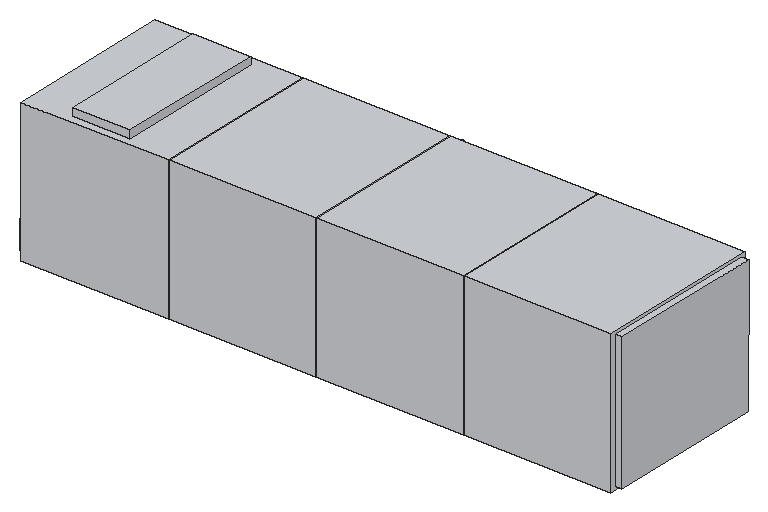
Revit family "M_AHU exterior - Horizontal", category Equipamento mecânico, Revit 2019
Family settings
  Cota do conector redondo = Usar raio
  Tipo de parte = Normal
  Número OmniClass = 23.75.35.14.14
  Título OmniClass = Customized Rooftop Air Handling Units
  ID de item do Seek = Outdoor AHU - Horizontal-0000-CAN-ENU
  Com base no plano de trabalho = Não
  Sempre na vertical = Sim
  Corte com vazios quando carregada = Não
  Compartilhado = Não
  Ponto de cálculo do ambiente = Não
Parameters (values of type "0,6 metros quadrados de serpentina")
  Voltagem = 208 V
  Classificação de carga = Refrigeração
  Queda de pressão da água quente [instance] = 12445.0 Pa
  Pressão total externa [instance] = 719.15 Pa
  Largura de saída do ar de fornecimento = 1100 mm
  Altura de saída do ar de fornecimento = 950 mm
  Fluxo de saída do ar de fornecimento [instance] = 1415.84 L/s
  Largura da entrada de ar de fornecimento = 1050 mm
  Altura da entrada de ar de fornecimento = 400 mm
  Fluxo da entrada de ar de fornecimento [instance] = 943.89 L/s
  Largura da saída do ar de retorno = 1050 mm
  Altura da saída do ar de retorno = 400 mm
  Fluxo da saída do ar de retorno [instance] = 471.95 L/s
  Número de pólos = 3
  Fluxo da água quente [instance] = 1.58 L/s
  Raio da tomada da serpentina de aquecimento = 20 mm
  Raio da entrada da serpentina do aquecimento = 20 mm
  Raio da drenagem = 15 mm
  Raio externo da serpentina de refrigeração = 15 mm
  Raio interno da serpentina de refrigeração = 20 mm
  Queda de pressão da água resfriada [instance] = 19905.2 Pa
  Fluxo da água resfriada [instance] = 2.71 L/s
  Carga aparente = 4701 VA
  Comprimento do espaço aéreo = 4114.8 mm
  Largura do AHU = 1168.4 mm
  Material do AHU = none
  Altura do AHU = 990.6 mm
Types (14, lengths in mm): name | Queda de pressão da água quente | Largura de saída do ar de fornecimento | Altura de saída do ar de fornecimento | Fluxo de saída do ar de fornecimento | Largura da entrada de ar de fornecimento | Altura da entrada de ar de fornecimento | Fluxo da entrada de ar de fornecimento | Largura da saída do ar de retorno | Altura da saída do ar de retorno | Fluxo da saída do ar de retorno | Fluxo da água quente | Raio da tomada da serpentina de aquecimento | Raio da entrada da serpentina do aquecimento | Raio externo da serpentina de refrigeração | Raio interno da serpentina de refrigeração | Queda de pressão da água resfriada | Fluxo da água resfriada | Carga aparente | Comprimento do espaço aéreo | Largura do AHU | Altura do AHU
  (no name) | 12445.0 Pa | 1100 | 950 | 1415.84 L/s | 1050 | 400 | 943.89 L/s | 1050 | 400 | 471.95 L/s | 1.58 L/s | 20 | 20 | 15 | 20 | 19905.2 Pa | 2.71 L/s | 4701 VA | 4114.8 | 1168.4 | 990.6
  0,6 metros quadrados de serpentina | 12445.0 Pa | 1100 | 950 | 1415.84 L/s | 1050 | 400 | 943.89 L/s | 1050 | 400 | 471.95 L/s | 1.58 L/s | 20 | 20 | 15 | 20 | 19905.2 Pa | 2.71 L/s | 4701 VA | 4114.8 | 1168.4 | 990.6
  0,7 metros quadrados de serpentina | 17416.2 Pa | 1350 | 1000 | 1887.79 L/s | 1250 | 400 | 1415.84 L/s | 1250 | 400 | 471.95 L/s | 2.08 L/s | 20 | 20 | 20 | 20 | 24883.2 Pa | 3.91 L/s | 6288 VA | 3911.6 | 1371.6 | 1066.8
  0,9 metros quadrados de serpentina | 24883.2 Pa | 1650 | 1000 | 2359.74 L/s | 1600 | 400 | 1887.79 L/s | 1600 | 400 | 471.95 L/s | 2.52 L/s | 20 | 20 | 20 | 20 | 37328.2 Pa | 4.92 L/s | 9401 VA | 3911.6 | 1701.8 | 1066.8
  1,1 metros quadrados de serpentina | 27372.2 Pa | 1650 | 1200 | 2831.68 L/s | 1600 | 400 | 1887.79 L/s | 1600 | 400 | 943.89 L/s | 2.78 L/s | 20 | 20 | 20 | 20 | 42306.2 Pa | 5.8 L/s | 9401 VA | 4064 | 1701.8 | 1244.6
  1,3 metros quadrados de serpentina | 34839.2 Pa | 1800 | 1200 | 3303.63 L/s | 1750 | 475 | 2359.74 L/s | 1800 | 475 | 943.89 L/s | 3.53 L/s | 20 | 20 | 20 | 20 | 42306.2 Pa | 7.19 L/s | 12535 VA | 4064 | 1828.8 | 1244.6
  1,6 metros quadrados de serpentina | 24883.2 Pa | 1950 | 1250 | 4011.55 L/s | 1950 | 475 | 3067.66 L/s | 1950 | 475 | 943.89 L/s | 4.1 L/s | 20 | 20 | 20 | 20 | 54744.4 Pa | 8.33 L/s | 12535 VA | 4064 | 2006.6 | 1320.8
  2 metros quadrados de serpentina | 37328.2 Pa | 1950 | 1525 | 4955.45 L/s | 1900 | 550 | 3303.63 L/s | 1900 | 550 | 1651.82 L/s | 5.11 L/s | 32 | 32 | 32.5 | 32.5 | 59722.4 Pa | 10.28 L/s | 15669 VA | 4216.4 | 2006.6 | 1574.8
  2,3 metros quadrados de serpentina | 47277.3 Pa | 2150 | 1525 | 5899.34 L/s | 2100 | 550 | 4011.55 L/s | 2100 | 550 | 1887.79 L/s | 5.68 L/s | 32 | 32 | 32.5 | 32.5 | 74649.5 Pa | 11.8 L/s | 18803 VA | 4216.4 | 2184.4 | 1574.8
  2,8 metros quadrados de serpentina | 57233.4 Pa | 2600 | 1525 | 7079.21 L/s | 2550 | 550 | 4719.47 L/s | 2550 | 550 | 2359.74 L/s | 6.18 L/s | 32 | 32 | 32.5 | 32.5 | 37328.2 Pa | 12.3 L/s | 25071 VA | 4216.4 | 2641.6 | 1574.8
  3,3 metros quadrados de serpentina | 67189.4 Pa | 2700 | 1800 | 8495.05 L/s | 2650 | 800 | 5663.37 L/s | 2650 | 800 | 2831.68 L/s | 6.81 L/s | 32 | 32 | 32.5 | 32.5 | 37328.2 Pa | 13.63 L/s | 31338 VA | 4648.2 | 2768.6 | 1854.2
  3,7 metros quadrados de serpentina | 69678.4 Pa | 2700 | 1950 | 9438.95 L/s | 2650 | 850 | 6607.26 L/s | 2650 | 850 | 2831.68 L/s | 7.51 L/s | 32 | 32 | 32.5 | 32.5 | 44788.3 Pa | 15.9 L/s | 31338 VA | 4876.8 | 2768.6 | 2006.6
  4,6 metros quadrados de serpentina | 72160.5 Pa | 2900 | 2200 | 11798.7 L/s | 2850 | 950 | 7551.16 L/s | 2850 | 950 | 4247.53 L/s | 9.02 L/s | 32 | 32 | 32.5 | 32.5 | 57233.4 Pa | 19.12 L/s | 37606 VA | 4953 | 2971.8 | 2260.6
  5,7 metros quadrados de serpentina | 74649.5 Pa | 2900 | 2600 | 14394.4 L/s | 2850 | 1150 | 9438.95 L/s | 2850 | 1150 | 4955.45 L/s | 11.29 L/s | 32 | 32 | 32.5 | 32.5 | 57233.4 Pa | 17.98 L/s | 47007 VA | 5334 | 2971.8 | 2641.6
Reference planes
  plane 1 "Centro (Frente/Trás)": y = 0
  plane 2: z = 0
  plane 3 "Centro (Esquerda/Direita)": x = 0
  plane 4: y = 584.2
  plane 5: y = -584.2
  plane 6: x = 4114.8
  plane 7: x = 1028.7
  plane 8: x = 2057.4
  plane 9: x = 3086.1
  plane 10: z = 990.6
  plane 11: x = 514.35
  plane 12: x = 314.35
  plane 13: x = 714.35
  plane 14: y = 525
  plane 15: y = -525
  plane 16: z = 1041.4
  plane 17: z = 25.4
  plane 18: z = 425.4
  plane 19: x = -50.8
  plane 20: z = 975.4
  plane 21: y = 550
  plane 22: y = -550
  plane 23: x = 4165.6
  plane 24: z = 939.8
  plane 25: z = 254
  plane 26: x = 3035.3
  plane 27: x = 2108.2
  plane 28: x = 4064
  plane 29: y = 635
  plane 30: z = 50.8
Forms (mm)
  Extrusion 1, solid, material <- "Material do AHU"
    sketch origin (0, 0, 0) x (1, 0, 0) y (0, 1, 0)
      loop
        line (0, 584.2) -> (0, -584.2) -> (1028.7, -584.2) -> (1028.7, 584.2) -> (0, 584.2)
    from 0 to 990.6
  Extrusion 2, solid, material <- "Material do AHU"
    sketch origin (0, 0, 0) x (1, 0, 0) y (0, 1, 0)
      loop
        line (1028.7, 584.2) -> (1028.7, -584.2) -> (2057.4, -584.2) -> (2057.4, 584.2) -> (1028.7, 584.2)
    from 0 to 990.6
  Extrusion 3, solid, material <- "Material do AHU"
    sketch origin (0, 0, 0) x (1, 0, 0) y (0, 1, 0)
      loop
        line (2057.4, 584.2) -> (2057.4, -584.2) -> (3086.1, -584.2) -> (3086.1, 584.2) -> (2057.4, 584.2)
    from 0 to 990.6
  Extrusion 4, solid, material <- "Material do AHU"
    sketch origin (0, 0, 0) x (1, 0, 0) y (0, 1, 0)
      loop
        line (3086.1, 584.2) -> (3086.1, -584.2) -> (4114.8, -584.2) -> (4114.8, 584.2) -> (3086.1, 584.2)
    from 0 to 990.6
  Extrusion 5, solid, material <- "Material do AHU"
    sketch origin (0, 0, 0) x (1, 0, 0) y (0, 1, 0)
      loop
        line (314.35, 525) -> (314.35, -525) -> (714.35, -525) -> (714.35, 525) -> (314.35, 525)
    from 990.6 to 1041.4
  Extrusion 6, solid, material <- "Material do AHU"
    sketch origin (0, 0, 0) x (0, 1, 0) y (0, 0, 1)
      loop
        line (525, 425.4) -> (-525, 425.4) -> (-525, 25.4) -> (525, 25.4) -> (525, 425.4)
    from -50.8 to 0
  Extrusion 7, solid, material <- "Material do AHU"
    sketch origin (0, 0, 0) x (0, 1, 0) y (0, 0, 1)
      loop
        line (550, 975.4) -> (-550, 975.4) -> (-550, 25.4) -> (550, 25.4) -> (550, 975.4)
    from 4114.8 to 4165.6
  Extrusion 8, solid, material <- "Material do AHU"
    sketch origin (0, 0, 0) x (1, 0, 0) y (0, 0, 1)
      loop
        circle (4064, 254) r 6.35
      loop
        circle (3035.3, 254) r 20
      loop
        circle (2108.2, 254) r 20
      loop
        circle (2108.2, 939.8) r 20
      loop
        circle (3035.3, 939.8) r 15
    from -584.2 to -635
  Extrusion 9, solid
    sketch origin (0, 0, 0) x (1, 0, 0) y (0, 0, 1)
      loop
        circle (3035.3, 50.8) r 15
    from -635 to -584.2
Dimensions and locks
  equal spacing: plane 4, plane 1 "Centro (Frente/Trás)", plane 5
  "Largura do AHU": plane 4 to plane 5
  "Comprimento do espaço aéreo": plane 3 "Centro (Esquerda/Direita)" to plane 6
  equal spacing: plane 3 "Centro (Esquerda/Direita)", plane 7, plane 8, plane 9, plane 6
  "Altura do AHU": plane 10 to plane 2
  equal spacing: plane 3 "Centro (Esquerda/Direita)", plane 11, plane 7
  "Altura da entrada de ar de fornecimento": plane 12 to plane 13
  equal spacing: plane 12, plane 11, plane 13
  equal spacing: plane 14, plane 1 "Centro (Frente/Trás)", plane 15
  "Largura da saída do ar de retorno": plane 14 to plane 15
  locked: plane 16 to plane 10 at 50.8
  locked: plane 17 to plane 2 at 25.4
  "Altura da entrada de ar de fornecimento": plane 18 to plane 17
  locked: plane 19 to plane 3 "Centro (Esquerda/Direita)" at 50.8
  "Altura de saída do ar de fornecimento": plane 20 to plane 17
  equal spacing: plane 21, plane 1 "Centro (Frente/Trás)", plane 22
  "Largura de saída do ar de fornecimento": plane 21 to plane 22
  locked: plane 6 to plane 23 at 50.8
  locked: plane 24 to plane 10 at 50.8
  locked: plane 2 to plane 25 at 254
  locked: plane 8 to plane 27 at 50.8
  locked: plane 26 to plane 9 at 50.8
  locked: plane 28 to plane 6 at 50.8
  locked: plane 29 to plane 4 at 50.8
  locked: plane 2 to plane 30 at 50.8
  radius of Extrusion 8 sketch curve = 6.35 mm
  "Raio interno da serpentina de refrigeração": radius of Extrusion 8 sketch curve
  "Raio externo da serpentina de refrigeração": radius of Extrusion 8 sketch curve
  "Raio da tomada da serpentina de aquecimento": radius of Extrusion 8 sketch curve
  "Raio da entrada da serpentina do aquecimento": radius of Extrusion 8 sketch curve
  "Raio da drenagem": radius of Extrusion 9 sketch curve
  aligned and locked: plane 3 "Centro (Esquerda/Direita)" to Extrusion 1 sketch curve
  aligned and locked: Extrusion 1 sketch curve to plane 4
  aligned and locked: plane 5 to Extrusion 1 sketch curve
  aligned and locked: Extrusion 1 sketch curve to plane 7
  aligned and locked: plane 4 to Extrusion 2
  aligned and locked: plane 8 to Extrusion 2
  aligned and locked: Extrusion 2 to plane 5
  aligned and locked: Extrusion 2 to plane 7
  aligned and locked: Extrusion 3 sketch curve to plane 4
  aligned and locked: plane 8 to Extrusion 3 sketch curve
  aligned and locked: plane 5 to Extrusion 3 sketch curve
  aligned and locked: Extrusion 3 sketch curve to plane 9
  aligned and locked: Extrusion 4 sketch curve to plane 4
  aligned and locked: plane 9 to Extrusion 4 sketch curve
  aligned and locked: plane 5 to Extrusion 4 sketch curve
  aligned and locked: Extrusion 4 sketch curve to plane 6
  aligned and locked: Extrusion 4 to plane 2
  aligned and locked: Extrusion 3 to plane 2
  aligned and locked: Extrusion 2 to plane 2
  aligned and locked: Extrusion 1 to plane 2
  aligned and locked: plane 10 to Extrusion 4
  aligned and locked: plane 10 to Extrusion 3
  aligned and locked: plane 10 to Extrusion 2
  aligned and locked: plane 10 to Extrusion 1
  aligned and locked: plane 12 to Extrusion 5 sketch curve
  aligned and locked: Extrusion 5 sketch curve to plane 14
  aligned and locked: plane 15 to Extrusion 5 sketch curve
  aligned and locked: Extrusion 5 sketch curve to plane 13
  aligned and locked: plane 16 to Extrusion 5
  aligned and locked: Extrusion 5 to plane 10
  aligned and locked: plane 14 to Extrusion 6 sketch curve
  aligned and locked: plane 18 to Extrusion 6 sketch curve
  aligned and locked: plane 17 to Extrusion 6 sketch curve
  aligned and locked: Extrusion 6 sketch curve to plane 15
  aligned and locked: plane 3 "Centro (Esquerda/Direita)" to Extrusion 6
  aligned and locked: Extrusion 6 to plane 19
  aligned and locked: plane 21 to Extrusion 7 sketch curve
  aligned and locked: Extrusion 7 sketch curve to plane 22
  aligned and locked: Extrusion 7 sketch curve to plane 20
  aligned and locked: plane 17 to Extrusion 7 sketch curve
  aligned and locked: Extrusion 7 to plane 6
  aligned and locked: plane 23 to Extrusion 7
  aligned and locked: plane 24 to Extrusion 8 sketch curve  (x2)
  aligned and locked: plane 26 to Extrusion 8 sketch curve  (x2)
  aligned and locked: plane 25 to Extrusion 8 sketch curve  (x3)
  aligned and locked: plane 27 to Extrusion 8 sketch curve  (x2)
  aligned and locked: plane 28 to Extrusion 8 sketch curve
  aligned and locked: plane 4 to Extrusion 8
  aligned and locked: plane 29 to Extrusion 8
  aligned and locked: plane 30 to Extrusion 9 sketch curve
  aligned and locked: plane 26 to Extrusion 9 sketch curve
  aligned and locked: Extrusion 8 to Extrusion 9
  aligned and locked: Extrusion 9 to plane 4
Automatic sketch dimensions
  plane 7 to Extrusion 2 sketch curve = 0 mm
  Extrusion 2 sketch curve to plane 8 = 0 mm
  plane 5 to Extrusion 2 sketch curve = 0 mm
  Extrusion 2 sketch curve to plane 4 = 0 mm
Connectors
  hvac at (-50.8, 0, 225.4), driven by "Fluxo da entrada de ar de fornecimento", driven by "Altura da entrada de ar de fornecimento", driven by "Largura da entrada de ar de fornecimento"
    settings: on Extrusion 6, index 1, duct flow 943.89 L/s, flow factor 0, pres drop 0.0 Pa, loss coef 0, conn angle 0.00°, conn width 1050 mm, conn height 400 mm, conn diameter 609.6 mm, duct sys type 1, conn prof type 1, flow config 1, flow direction 1, loss method 0, conn ref index -1, conn util no, is conn primary yes, conn desc ""
  hvac at (514.35, 0, 1041.4), driven by "Fluxo da saída do ar de retorno", driven by "Largura da saída do ar de retorno", driven by "Altura da saída do ar de retorno"
    settings: on Extrusion 5, index 2, duct flow 471.95 L/s, flow factor 0, pres drop 0.0 Pa, loss coef 0, conn angle 0.00°, conn width 400 mm, conn height 1050 mm, conn diameter 609.6 mm, duct sys type 2, conn prof type 1, flow config 0, flow direction 1, loss method 0, conn ref index -1, conn util no, is conn primary no, conn desc ""
  hvac at (4165.6, 0, 500.4), driven by "Fluxo de saída do ar de fornecimento", driven by "Altura de saída do ar de fornecimento", driven by "Largura de saída do ar de fornecimento"
    settings: on Extrusion 7, index 3, duct flow 1415.84 L/s, flow factor 0, pres drop 0.0 Pa, loss coef 0, conn angle 0.00°, conn width 1100 mm, conn height 950 mm, conn diameter 609.6 mm, duct sys type 1, conn prof type 1, flow config 0, flow direction 2, loss method 0, conn ref index -1, conn util no, is conn primary no, conn desc ""
  piping at (3035.3, 635, 939.8), diameter 30, driven by "Fluxo da água resfriada", driven by "Raio externo da serpentina de refrigeração", driven by "Queda de pressão da água resfriada"
    settings: on Extrusion 8, index 4, connector inside diameter 30 mm, connector length 0 mm, flow factor 0, pipe flow 2.71 L/s, pressure drop 19905.2 Pa, fitting loss kfactor 0, connector angle 0.00°, fixture units 0, engagement length 0 mm, angle of deflection 0.00°, flow configuration 1, flow direction 2, fitting loss method 4, system type 8, joint type 0, gender type 0, connector reference index 6, connector utility 0, adjustable connector no, is connector primary yes, connector description "Água resfriada/ Refrigeração externa"
  piping at (2108.2, 635, 939.8), diameter 40, driven by "Fluxo da água quente", driven by "Raio da tomada da serpentina de aquecimento", driven by "Queda de pressão da água quente"
    settings: on Extrusion 8, index 5, connector inside diameter 40 mm, connector length 0 mm, flow factor 0, pipe flow 1.58 L/s, pressure drop 12445.0 Pa, fitting loss kfactor 0, connector angle 0.00°, fixture units 0, engagement length 0 mm, angle of deflection 0.00°, flow configuration 1, flow direction 2, fitting loss method 4, system type 8, joint type 0, gender type 0, connector reference index 7, connector utility 0, adjustable connector no, is connector primary no, connector description "Saída de água quente/vapor"
  piping at (3035.3, 635, 254), diameter 40, driven by "Fluxo da água resfriada", driven by "Raio interno da serpentina de refrigeração"
    settings: on Extrusion 8, index 6, connector inside diameter 40 mm, connector length 0 mm, flow factor 0, pipe flow 2.71 L/s, pressure drop 0.0 Pa, fitting loss kfactor 0, connector angle 0.00°, fixture units 0, engagement length 0 mm, angle of deflection 0.00°, flow configuration 1, flow direction 1, fitting loss method 0, system type 7, joint type 0, gender type 0, connector reference index 4, connector utility 0, adjustable connector no, is connector primary no, connector description "Água resfriada/Refrigeração interna"
  piping at (2108.2, 635, 254), diameter 40, driven by "Fluxo da água quente", driven by "Raio da entrada da serpentina do aquecimento"
    settings: on Extrusion 8, index 7, connector inside diameter 40 mm, connector length 0 mm, flow factor 0, pipe flow 1.58 L/s, pressure drop 0.0 Pa, fitting loss kfactor 0, connector angle 0.00°, fixture units 0, engagement length 0 mm, angle of deflection 0.00°, flow configuration 1, flow direction 1, fitting loss method 0, system type 7, joint type 0, gender type 0, connector reference index 5, connector utility 0, adjustable connector no, is connector primary no, connector description "Entrada de água quente/vapor"
  electrical at (4064, 635, 254), driven by "Carga aparente", driven by "Voltagem", driven by "Número de pólos", driven by "Classificação de carga"
    settings: on Extrusion 8, index 8, voltage 208 V, apparent load 4701 VA, apparent load phase1 0 VA, apparent load phase2 0 VA, apparent load phase3 0 VA, power factor 0.8, load classification "Refrigeração", number of poles 3, system type 30, power factor state 1, is connector primary yes, connector utility no, sub classification motor no, connector description ""
  piping at (3035.3, 635, 50.8), diameter 30, driven by "Raio da drenagem"
    settings: on Extrusion 9, index 9, connector inside diameter 30 mm, connector length 0 mm, flow factor 0, pipe flow 0.0 L/s, pressure drop 0.0 Pa, fitting loss kfactor 0, connector angle 0.00°, fixture units 0, engagement length 0 mm, angle of deflection 0.00°, flow configuration 1, flow direction 2, fitting loss method 0, system type 16, joint type 0, gender type 0, connector reference index -1, connector utility 0, adjustable connector yes, is connector primary no, connector description ""
